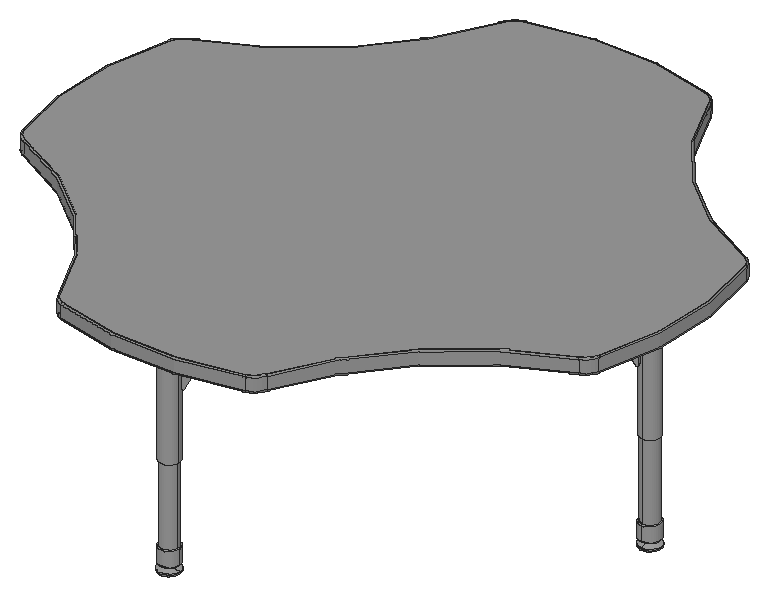
Revit family "Hierarchy Activity 48in Clover Table - Youth Height", category Furniture, Revit 2018
Family settings
  Work Plane-Based = No
  Always vertical = Yes
  Cut with Voids When Loaded = No
  Shared = No
  Room Calculation Point = No
Parameters
  Table Height = 1' - 4"
  Surface = Hierarchy Activity 48" Clover Table Youth Surface
  Leg Finish = Hierarchy Leg Platinum
  Edgeband = Hierarchy Activity 48" Clover Table Youth Edgeband
  Caster/Glide = Hierarchy Youth Leg - Glide : Hierarchy Youth Leg - Glide
Reference planes (in)
  plane 1 "Center (Front/Back)": y = 0
  plane 2: z = 0
  plane 3 "Center (Left/Right)": x = 0
  plane 4: z = 16
Dimensions and locks (in)
  "Table Height": plane 4 to level
  aligned and locked: plane 2 to level
  aligned and locked: nested 1 to plane 4
Nested families (in)
  nested 1: "Activity 48x48 Clover Tabletop" at (0, 0, -7.925), type "Activity 48x48 Clover Tabletop"
  nested 2: "Hierarchy Youth Leg - Glide" at (0, 21, 0), Leg Height <- "Table Height", type <- "Caster/Glide", Leg Finish <- "Leg Finish", type "Hierarchy Youth Leg - Glide"
    with Leg Height 1' - 4", Leg Finish Hierarchy Leg Platinum
  nested 3: "Hierarchy Youth Leg - Glide" at (0, -21, 0) x (-1, 0, 0) z (0, 0, 1), Leg Height <- "Table Height", Leg Finish <- "Leg Finish", type "Hierarchy Youth Leg - Glide"
    with Leg Height 1' - 4", Leg Finish Hierarchy Leg Platinum
  nested 4: "Hierarchy Youth Leg - Glide" at (0, 21, 0), type <- "Caster/Glide", Leg Finish <- "Leg Finish", Leg Height <- "Table Height", type "Hierarchy Youth Leg - Glide"
    with Leg Height 1' - 4", Leg Finish Hierarchy Leg Platinum
  nested 5: "Hierarchy Youth Leg - Glide" at (21.26614, 0, 0) x (0, -1, 0) z (0, 0, 1), Leg Finish <- "Leg Finish", Leg Height <- "Table Height", type "Hierarchy Youth Leg - Glide"
    with Leg Height 1' - 4", Leg Finish Hierarchy Leg Platinum
  nested 6: "Hierarchy Youth Leg - Glide" at (-21.26614, 0, 0) x (0, 1, 0) z (0, 0, 1), type <- "Caster/Glide", Leg Finish <- "Leg Finish", Leg Height <- "Table Height", type "Hierarchy Youth Leg - Glide"
    with Leg Height 1' - 4", Leg Finish Hierarchy Leg Platinum
Definition of nested family "Activity 48x48 Clover Tabletop"
  Parameters (values of type "Activity 48x48 Clover Tabletop")
    Surface = none
    Edgeband = none
  Reference planes (in)
    plane 1 "Center (Front/Back)": y = 0
    plane 2: z = 0
    plane 3 "Center (Left/Right)": x = 0
  Forms (in)
    Extrusion 1, solid, material <- "Surface"
      sketch origin (0, 0, 0) x (1, 0, 0) y (0, 1, 0)
        loop
          arc (-7.0983, 22.82372) -> (-7.62556, 22.51321) -> (-7.96704, 22.00546) r 1.38189
          arc (-7.96704, 22.00546) -> (-13.40926, 13.64618) -> (-21.76854, 8.20396) r 24.1181
          arc (-21.76854, 8.20396) -> (-22.27629, 7.86247) -> (-22.58681, 7.33521) r 1.3819
          arc (-22.58681, 7.33521) -> (-23.71782, 0.07284) -> (-22.58681, -7.18953) r 23.88178
          arc (-22.58681, -7.18953) -> (-22.27629, -7.71679) -> (-21.76855, -8.05827) r 1.3819
          arc (-21.76855, -8.05827) -> (-13.40927, -13.50051) -> (-7.96704, -21.85978) r 24.11826
          arc (-7.96704, -21.85978) -> (-7.62555, -22.36753) -> (-7.0983, -22.67804) r 1.3819
          arc (-7.0983, -22.67804) -> (0.16407, -23.80906) -> (7.42645, -22.67804) r 23.88159
          arc (7.42645, -22.67804) -> (7.9537, -22.36752) -> (8.29519, -21.85978) r 1.3819
          arc (8.29519, -21.85978) -> (13.73742, -13.50051) -> (22.09669, -8.05827) r 24.1183
          arc (22.09669, -8.05827) -> (22.60444, -7.71679) -> (22.91495, -7.18953) r 1.38189
          arc (22.91495, -7.18953) -> (24.04596, 0.07284) -> (22.91495, 7.33521) r 23.88199
          arc (22.91495, 7.33521) -> (22.60444, 7.86247) -> (22.09669, 8.20396) r 1.38189
          arc (22.09669, 8.20396) -> (13.73742, 13.64619) -> (8.29519, 22.00546) r 24.11819
          arc (8.29519, 22.00546) -> (7.9537, 22.51321) -> (7.42645, 22.82372) r 1.38189
          arc (7.42645, 22.82372) -> (0.16407, 23.95473) -> (-7.0983, 22.82372) r 23.88186
      from 23.925 to 25.125
    Sweep 2, solid, material <- "Edgeband"
      path origin (0, 0, 0) x (1, 0, 0) y (0, 1, 0)
        loop
          arc (7.42645, 22.82372) -> (0.16407, 23.95473) -> (-7.0983, 22.82372) r 23.88186
          arc (-7.0983, 22.82372) -> (-7.62556, 22.51321) -> (-7.96704, 22.00546) r 1.38189
          arc (-7.96704, 22.00546) -> (-13.40926, 13.64618) -> (-21.76854, 8.20396) r 24.1181
          arc (-21.76854, 8.20396) -> (-22.27629, 7.86247) -> (-22.58681, 7.33521) r 1.3819
          arc (-22.58681, 7.33521) -> (-23.71782, 0.07284) -> (-22.58681, -7.18953) r 23.88178
          arc (-22.58681, -7.18953) -> (-22.27629, -7.71679) -> (-21.76855, -8.05827) r 1.3819
          arc (-21.76855, -8.05827) -> (-13.40927, -13.50051) -> (-7.96704, -21.85978) r 24.11826
          arc (-7.96704, -21.85978) -> (-7.62555, -22.36753) -> (-7.0983, -22.67804) r 1.3819
          arc (-7.0983, -22.67804) -> (0.16407, -23.80906) -> (7.42645, -22.67804) r 23.88159
          arc (7.42645, -22.67804) -> (7.9537, -22.36752) -> (8.29519, -21.85978) r 1.3819
          arc (8.29519, -21.85978) -> (13.73742, -13.50051) -> (22.09669, -8.05827) r 24.1183
          arc (22.09669, -8.05827) -> (22.60444, -7.71679) -> (22.91495, -7.18953) r 1.38189
          arc (22.91495, -7.18953) -> (24.04596, 0.07284) -> (22.91495, 7.33521) r 23.88199
          arc (22.91495, 7.33521) -> (22.60444, 7.86247) -> (22.09669, 8.20396) r 1.38189
          arc (22.09669, 8.20396) -> (13.73742, 13.64619) -> (8.29519, 22.00546) r 24.11819
          arc (8.29519, 22.00546) -> (7.9537, 22.51321) -> (7.42645, 22.82372) r 1.38189
      profile origin (0.16407, 23.95473, 0) x (0, -1, 0) y (0, 0, 1)
        loop
          line (0, 23.925) -> (0, 25.125)
          arc (0, 25.125) -> (-0.08352, 25.09041) -> (-0.11811, 25.00689) r 0.11811
          line (-0.11811, 25.00689) -> (-0.11811, 24.04311)
          arc (-0.11811, 24.04311) -> (-0.08352, 23.95959) -> (0, 23.925) r 0.11811
  Dimensions and locks (in)
    aligned and locked: plane 2 to level
Definition of nested family "Hierarchy Youth Leg - Glide"
  Parameters (values of type "Hierarchy Youth Leg - Glide")
    Leg Finish [instance] = none
    Leg Height [instance] = 1' - 4.80117"
  Reference planes (in)
    plane 1 "Center (Front/Back)": y = 0
    plane 2: z = 0
    plane 3 "Center (Left/Right)": x = 0
  Forms (in)
    Extrusion 1, solid
      sketch origin (-0.01562, 0, 0) x (1, 0, 0) y (0, 1, 0)
        loop
          circle (0.01563, 0) r 0.67016
      from 0.67618 to 10.55018
    Revolve 2, solid
      sketch origin (0, 0, 0) x (1, 0, 0) y (0, 0, 1)
        loop
          line (-0.73189, 1.80118) -> (-0.79439, 1.73867) -> (-0.79439, 0.61381) -> (-0.73176, 0.55118) -> (-0.125, 0.55118) -> (-0.125, 0.42618) -> (-0.84656, 0.16241) -> (-0.84656, 0.08994) -> (-0.81359, 0) -> (0, 0) -> (0, 1.80118) -> (-0.73189, 1.80118)
        axis (0, 1.80118) -> (0, 0)
      angle from 0 to 360
  Dimensions and locks (in)
    "Leg Height": nested 1 to level  (x2)
    aligned and locked: plane 2 to level
  Automatic sketch dimensions
    plane 1 "Center (Front/Back)" to Extrusion 1 sketch curve = 0' - 0"
    Extrusion 1 sketch curve to plane 3 "Center (Left/Right)" = 0' - 0"
    Revolve 2 sketch curve to level = 0' - 0"
    Revolve 2 sketch curve to plane 3 "Center (Left/Right)" = 0' - 0"  (x2)
    Revolve 2 sketch curve to plane 3 "Center (Left/Right)" = 0' - 0 1/8"
    Revolve 2 sketch curve to Revolve 2 sketch curve = 0' - 0.60676"
    Revolve 2 sketch curve to Revolve 2 sketch curve = 0' - 0.73189"
    Revolve 2 sketch curve to Revolve 2 sketch curve = 0' - 0.06263"  (x2)
    Revolve 2 sketch curve to Revolve 2 sketch curve = 0' - 0.08183"
    Revolve 2 sketch curve to Revolve 2 sketch curve = 0' - 0.03297"
    level to Revolve 2 sketch curve = 0' - 0.08994"
    Revolve 2 sketch curve to Revolve 2 sketch curve = 0' - 0.07247"
    level to Revolve 2 sketch curve = 0' - 0.42618"
    Revolve 2 sketch curve to Revolve 2 sketch curve = 0' - 0 1/8"
    Revolve 2 sketch curve to Revolve 2 sketch curve = 0' - 1.12486"
    Revolve 2 sketch curve to Revolve 2 sketch curve = 0' - 0 1/16"
    Revolve 2 sketch curve to level = 2' - 0"
    Revolve 2 sketch curve to Revolve 2 sketch curve = 8' - 4.91764"
    radius of Extrusion 1 sketch curve = 0' - 0.67016"
  Nested families (in)
    nested 1: "Hierarchy Youth Upper Leg 2023" at (0, 0, 0), Leg Finish <- "Leg Finish", type "Hierarchy Youth Upper Leg 2023"
      with Leg Finish none
  Definition of nested family "Hierarchy Youth Upper Leg 2023"
    Parameters (values of type "Hierarchy Youth Upper Leg 2023")
      Leg Finish [instance] = none
    Reference planes (in)
      plane 1 "Center (Front/Back)": y = 0
      plane 2: z = 0
      plane 3 "Center (Left/Right)": x = 0
    Forms (in)
      Extrusion 1, solid, material <- "Leg Finish"
        sketch origin (0, 0, -11.001) x (1, 0, 0) y (0, 1, 0)
          loop
            circle (0, 0) r 0.75
        from 19.67618 to 27.67618
      Extrusion 2, solid, material <- "Leg Finish"
        sketch origin (0, 0, -11.001) x (1, 0, 0) y (0, 1, 0)
          loop
            line (-1.70174, 0.19183) -> (-2.88626, -2.26116)
            arc (-2.88626, -2.26116) -> (-2.83993, -3.09822) -> (-2.1063, -3.50394) r 0.86614
            line (-2.1063, -3.50394) -> (2.1063, -3.50394)
            arc (2.1063, -3.50394) -> (2.83993, -3.09822) -> (2.88626, -2.26116) r 0.86614
            line (2.88626, -2.26116) -> (1.70174, 0.19183)
            arc (1.70174, 0.19183) -> (0, 1.25984) -> (-1.70174, 0.19183) r 1.88976
        from 27.67618 to 27.80217
      Extrusion 3, solid, material <- "Leg Finish"
        sketch origin (-1.48519, 8.66524, -11.001) x (-0.434844, 0.900506, 0) y (0, 0, 1)
          loop
            line (-9.01425, 27.67618) -> (-11.80952, 27.67618)
            arc (-11.80952, 27.67618) -> (-11.92325, 27.58993) -> (-11.87088, 27.45715) r 0.11811
            arc (-11.87088, 27.45715) -> (-10.39364, 26.29679) -> (-9.23328, 24.81955) r 7.87402
            arc (-9.23328, 24.81955) -> (-9.1005, 24.76717) -> (-9.01425, 24.88091) r 0.11811
            line (-9.01425, 24.88091) -> (-9.01425, 27.67618)
        from -1.94075 to -1.81476
      Extrusion 4, solid, material <- "Leg Finish"
        sketch origin (1.48519, 8.66524, -11.001) x (0.434844, 0.900506, 0) y (0, 0, -1)
          loop
            line (-9.01425, -27.67618) -> (-9.01425, -24.88091)
            arc (-9.01425, -24.88091) -> (-9.1005, -24.76717) -> (-9.23328, -24.81955) r 0.11811
            arc (-9.23328, -24.81955) -> (-10.39364, -26.29679) -> (-11.87088, -27.45715) r 7.87402
            arc (-11.87088, -27.45715) -> (-11.92325, -27.58993) -> (-11.80952, -27.67618) r 0.11811
            line (-11.80952, -27.67618) -> (-9.01425, -27.67618)
        from -1.94075 to -1.81476
    Dimensions and locks (in)
      aligned and locked: plane 2 to level
